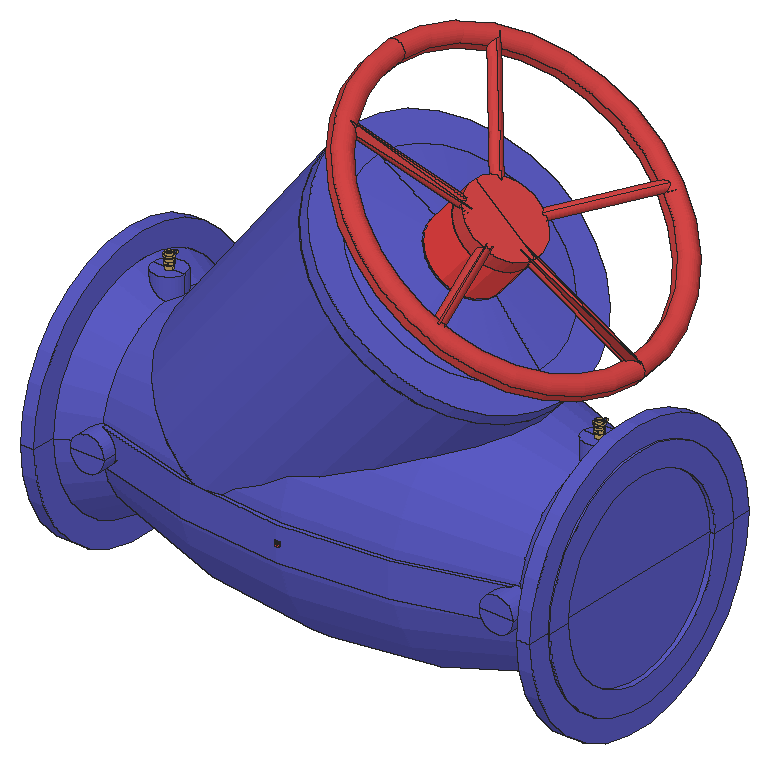
Revit family "Strangregulierventil für Differenzdruckmessung, Schrägsitzform 4218 GF PN25", category Rohrzubehör, Revit 2021
Family settings
  Bemaßung runder Anschluss = Durchmesser verwenden
  Teiletyp = Unterbricht
  OmniClass-Nummer = 23.65.55.14
  OmniClass-Titel = Valves for Liquid Services
  Arbeitsebenenbasiert = Nein
  Immer vertikal = Ja
  Beim Laden mit Abzugskörper schneiden = Nein
  Gemeinsam genutzt = Nein
Parameters
  kvs-Wert [instance] = if(Nennweite = 350.00 mm, 2917.6, if(Nennweite = 400.00 mm, 3854.8, if(Nennweite = 500.00 mm, 5250.6, 0)))  # 2917.6
  Zählvorrichtung = "Kunststoffmaterial"  # constant formula
  W02 = 60.00°  # constant formula
  W01 = 50.00°  # constant formula
  Vorgabe-Ansicht = 0.00 mm
  Ventilkegel = "Sphäroguss EN-GJS-400-15 gem. EN 1561/EPDM beschichtet"  # constant formula
  S01 [instance] = Nennweite + 10.00 mm  # 360.00 mm
  Regulierspindel = "Edelstahl"  # constant formula
  Oberteil = "Sphäroguss EN-GJS-400-15"  # constant formula
  O-Ringe = "EPDM"  # constant formula
  L04 [instance] = size_lookup("4220_GF_25_", "L4", 1.00 mm, Nennweite)  # 209.00 mm
  H11 = 85.00 mm  # constant formula
  H10 [instance] = H07 + H03  # 569.50 mm
  H08 = 47.00 mm  # constant formula
  H07 = 50.00 mm  # constant formula
  H06 = 27.00 mm  # constant formula
  H05 [instance] = H04 + 25.00 mm  # 495.00 mm
  H04 [instance] = size_lookup("4220_GF_25_", "H4", 1.00 mm, Nennweite)  # 470.00 mm
  H03 [instance] = size_lookup("4220_GF_25_", "H3", 1.00 mm, Nennweite)  # 519.50 mm
  Gewicht [instance] = if(Nennweite = 350.00 mm, "560.0 kg", if(Nennweite = 400.00 mm, "611.0 kg", if(Nennweite = 500.00 mm, "1109.0 kg", "0")))  # "560.0 kg"
  Gehäuse = "Sphäroguss EN-GJS-400-15"  # constant formula
  URL = "www.herz-armaturen.at"
  SCRNSEQ = "ARM;ARM_TYP=\"STRV\";2"
  SCRNCODE = "05;07;02"  # constant formula
  R02 [instance] = size_lookup("4220_GF_25_", "R2", 1.00 mm, Nennweite)  # 30.00 mm
  R01 [instance] = size_lookup("4220_GF_25_", "R1", 1.00 mm, Nennweite)  # 32.50 mm
  Spindel = "Edelstahl"  # constant formula
  Nennweite [instance] = 350.00 mm
  Medium = "Heizwasserqualität entsprechend ÖNORM H 5195 bzw. VDI Richtlinie 2035.\r\nEthylen und Propylenglykol können in einem Verhältnis von 25-50 vol. [%] gemischt werden."
  Max. Betriebstemperatur = 110 °C  # constant formula
  Min. Betriebstemperatur = -10 °C  # constant formula
  Max. Betriebsdruck = 2500000.0 Pa  # constant formula
  L03 [instance] = size_lookup("4220_GF_25_", "L3", 1.00 mm, Nennweite)  # 410.00 mm
  L02 [instance] = size_lookup("4220_GF_25_", "L2", 1.00 mm, Nennweite)  # 390.00 mm
  L01 [instance] = size_lookup("4220_GF_25_", "L1", 1.00 mm, Nennweite)  # 397.50 mm
  L00 [instance] = size_lookup("4220_GF_25_", "L", 1.00 mm, Nennweite)  # 980.00 mm
  Hersteller = "HERZ Armaturen Ges.m.b.H."  # constant formula
  H09 [instance] = H03  # 519.50 mm
  H02 [instance] = size_lookup("4220_GF_25_", "H2", 1.00 mm, Nennweite)  # 215.00 mm
  H01 [instance] = size_lookup("4220_GF_25_", "H1", 1.00 mm, Nennweite)  # 220.00 mm
  GT = 10.00 mm  # constant formula
  FLL02 [instance] = size_lookup("4220_GF_25_", "FLL2", 1.00 mm, Nennweite)  # 26.00 mm
  FLL01 [instance] = size_lookup("4220_GF_25_", "FLL1", 1.00 mm, Nennweite)  # 4.00 mm
  FLD03 [instance] = size_lookup("4220_GF_25_", "FLD3", 1.00 mm, Nennweite)  # 177.80 mm
  FLD02 [instance] = size_lookup("4220_GF_25_", "FLD2", 1.00 mm, Nennweite)  # 214.00 mm
  FLD01 [instance] = size_lookup("4220_GF_25_", "FLD1", 1.00 mm, Nennweite)  # 219.00 mm
  FLD00 [instance] = size_lookup("4220_GF_25_", "FLD", 1.00 mm, Nennweite)  # 260.00 mm
  Differenzdruckmessung = "Das STRÖMAX GF Strangregulierventil ist mit zwei Messventilen ausgestattet:\r\nSo ist es möglich, den Differenzdruck mit geeigneten Messgeräten zu messen und die Durchflussmenge entsprechend zu bestimmen."
  DN500 [instance] = Nennweite = 500.00 mm  # no
  DN400 [instance] = Nennweite = 400.00 mm  # no
  DN350 [instance] = Nennweite = 350.00 mm  # yes
  D05 = 75.00 mm  # constant formula
  D04 [instance] = size_lookup("4220_GF_25_", "D4", 1.00 mm, Nennweite)  # 58.00 mm
  D03 [instance] = size_lookup("4220_GF_25_", "D3", 1.00 mm, Nennweite)  # 240.00 mm
  D02 [instance] = D03 - 20.00 mm  # 220.00 mm
  D01 [instance] = size_lookup("4220_GF_25_", "D1", 1.00 mm, Nennweite)  # 260.00 mm
  D00 [instance] = size_lookup("4220_GF_25_", "D", 1.00 mm, Nennweite)  # 250.00 mm
  Bestellnummer [instance] = size_lookup("4220_GF_25_", "Artnr", 0, Nennweite)  # 1422089
  BH02 [instance] = -BH01  # -32.50 mm
  BH01 [instance] = size_lookup("4220_GF_25_", "BH1", 1.00 mm, Nennweite)  # 32.50 mm
  Ausführung = "STRÖMAX-GF-Strangregulierventil mit Messventilen, DN 350-500, Gehäuse Sphäroguss GJS 400-15 gem EN 1561, Flansch gem. EN 1092, PN 25, blaue Emaillierung.\r\nVentiloberteil Sphäroguss GJS 400-15, mit nicht steigen\u0002der Spindel, Spindelabdichtung mittels Dreifach-O-Ring.\r\nVoreinstellschritte werden digital angezeigt."
  Anwendungen = "Zum hydraulischen Abgleich in Heiz- oder Kühlsystemen zum Trennen von Sammelleitungen, Steigleitungen, Wärmetauschern, Heiz- und Kühlregistern."
  Anschluss [instance] = Nennweite / 2  # 175.00 mm
Reference planes
  plane 1 "Mitte (Vorne/hinten)": y = 0
  plane 2: z = 0
  plane 3 "Mitte (Links/rechts)": x = 0
Forms (mm)
  Revolve 1, solid, material "Herz-Marineblau", detail levels fine
    sketch origin (1058.943, 0, 0) x (1, 0, 0) y (0, 1, 0)
      loop
        line (-1544.943, 260) -> (-1544.943, 219) -> (-1548.943, 219) -> (-1548.943, 175) -> (-1538.943, 175) -> (-1538.943, 0) -> (-578.943, 0) -> (-578.943, 175) -> (-568.943, 175) -> (-568.943, 219) -> (-572.943, 219) -> (-572.943, 260) -> (-598.943, 260) -> (-598.943, 214) -> (-661.443, 177.8)
        arc (-661.443, 177.8) -> (-1058.943, 250) -> (-1456.443, 177.8) r 1130.326
        line (-1456.443, 177.8) -> (-1518.943, 214) -> (-1518.943, 260) -> (-1544.943, 260)
      axis (-1548.943, 0) -> (-568.943, 0)
    angle from 0 to 360
  Revolve 2, solid, material "Herz-Marineblau", detail levels fine
    sketch origin (0, 0, 0) x (1, 0, 0) y (0, 1, 0)
      loop
        line (-390, 220) -> (-422.5, 220) -> (-422.5, -220) -> (-390, -220) -> (-390, 220)
      axis (-390, 220) -> (-390, -220)
    angle from 0 to 360
  Revolve 3, solid, material "Herz-Marineblau", detail levels fine
    sketch origin (0, 0, 0) x (-1, 0, 0) y (0, 1, 0)
      loop
        line (-390, 220) -> (-422.5, 220) -> (-422.5, -220) -> (-390, -220) -> (-390, 220)
      axis (-390, 220) -> (-390, -220)
    angle from 0 to 360
  Revolve 4, solid, material "Herz-Marineblau", detail levels fine
    sketch origin (0, 0, 0) x (1, 0, 0) y (0, 0, 1)
      loop
        line (-410, 0) -> (-410, 215) -> (-440, 215) -> (-440, 0) -> (-410, 0)
      axis (-410, 215) -> (-410, 0)
    angle from 0 to 360
  Revolve 5, solid, material "Herz-Marineblau", detail levels fine
    sketch origin (0, 0, 0) x (-1, 0, 0) y (0, 0, 1)
      loop
        line (-410, 0) -> (-410, 215) -> (-440, 215) -> (-440, 0) -> (-410, 0)
      axis (-410, 215) -> (-410, 0)
    angle from 0 to 360
  Extrusion 6, solid, material "Herz-Marineblau", visible <- "DN500", detail levels fine
    sketch origin (0, 0, 0) x (1, 0, 0) y (0, 1, 0)
      loop
        arc (-475, -263.998) -> (0, -282.994) -> (475, -263.998) r 5948.094
        line (475, -263.998) -> (475, 263.998)
        arc (475, 263.998) -> (0, 282.994) -> (-475, 263.998) r 5948.094
        line (-475, 263.998) -> (-475, -263.998)
    from -32.5 <- "BH02" to 32.5 <- "BH01"
  Extrusion 7, solid, material "Herz-Marineblau", visible <- "DN400", detail levels fine
    sketch origin (0, 0, 0) x (1, 0, 0) y (0, 1, 0)
      loop
        arc (-410, -209.712) -> (0, -223.005) -> (410, -209.712) r 6329.849
        line (410, -209.712) -> (410, 209.712)
        arc (410, 209.712) -> (0, 223.005) -> (-410, 209.712) r 6329.849
        line (-410, 209.712) -> (-410, -209.712)
    from -32.5 <- "BH02" to 32.5 <- "BH01"
  Extrusion 8, solid, material "Herz-Marineblau", visible <- "DN350", detail levels fine
    sketch origin (0, 0, 0) x (1, 0, 0) y (0, 1, 0)
      loop
        arc (-390, -185.916) -> (0, -255.071) -> (390, -185.916) r 1134.286
        line (390, -185.916) -> (390, 185.916)
        arc (390, 185.916) -> (0, 255.071) -> (-390, 185.916) r 1134.286
        line (-390, 185.916) -> (-390, -185.916)
    from -32.5 <- "BH02" to 32.5 <- "BH01"
  Revolve 9, solid, material "Herz-Marineblau", detail levels fine
    sketch origin (0, 0, 0) x (1, 0, 0) y (0, 0, 1)
      loop
        line (-209, 0) -> (124.928, 397.96) -> (-74.243, 565.085) -> (-361.033, 192.188) -> (-361.781, 160.181) -> (-209, 0)
      axis (-209, 0) -> (124.928, 397.96)
    angle from 0 to 360
  Revolve 10, solid, material "Herz-Marineblau", detail levels fine
    sketch origin (0, 0, 0) x (1, 0, 0) y (0, 0, 1)
      loop
        line (124.928, 397.96) -> (157.068, 436.262) -> (99.614, 484.471) -> (97.686, 482.173)
        arc (97.686, 482.173) -> (43.802, 517.303) -> (-12.458, 548.486) r 898.044
        line (-12.458, 548.486) -> (-56.888, 585.768) -> (-74.243, 565.085) -> (124.928, 397.96)
      axis (157.068, 436.262) -> (124.928, 397.96)
    angle from 0 to 360
  Revolve 11, solid, material "Kunsstoff rot", detail levels fine
    sketch origin (0, 0, 0) x (1, 0, 0) y (0, 0, 1)
      loop
        line (157.068, 436.262) -> (211.704, 501.376) -> (154.251, 549.585) -> (99.614, 484.471) -> (157.068, 436.262)
      axis (211.704, 501.376) -> (157.068, 436.262)
    angle from 0 to 360
Lines and regions (mm)
  model lines, detail levels coarse+medium
    curve 1: line (-490, 0, 260) -> (-490, 0, -260)
    curve 2: line (-490, 0, -260) -> (490, 0, 260)
    curve 3: line (490, 0, 260) -> (490, 0, -260)
    curve 4: line (490, 0, -260) -> (-490, 0, 260)
    curve 5: line (0, 0, 0) -> (299.933, 0, 519.5)
    curve 6: line (144.049, 0, 609.5) -> (455.818, 0, 429.5)
    curve 7: line (-490, 260, 0) -> (-490, -260, 0)
    curve 8: line (-490, -260, 0) -> (490, 260, 0)
    curve 9: line (490, 260, 0) -> (490, -260, 0)
    curve 10: line (490, -260, 0) -> (-490, 260, 0)
    curve 11: line (0, 0, 0) -> (299.933, 519.5, 0)
    curve 12: line (144.049, 609.5, 0) -> (455.818, 429.5, 0)
Dimensions and locks
  "FLD00": plane 1 "Mitte (Vorne/hinten)" to Revolve 1 sketch curve
  "FLD01": plane 1 "Mitte (Vorne/hinten)" to Revolve 1 sketch curve
  "FLD02": plane 1 "Mitte (Vorne/hinten)" to Revolve 1 sketch curve  (x2)
  "FLD03": plane 1 "Mitte (Vorne/hinten)" to Revolve 1 sketch curve  (x2)
  "GT": Revolve 1 sketch curve to Revolve 1 sketch curve  (x2)
  "FLL01": Revolve 1 sketch curve to Revolve 1 sketch curve  (x2)
  "FLL02": Revolve 1 sketch curve to Revolve 1 sketch curve  (x2)
  equal spacing: Revolve 1 sketch curve, plane 3 "Mitte (Links/rechts)", Revolve 1 sketch curve
  "Anschluss": Revolve 1 sketch curve to plane 1 "Mitte (Vorne/hinten)"
  "Anschluss": plane 1 "Mitte (Vorne/hinten)" to Revolve 1 sketch curve
  "FLD01": Revolve 1 sketch curve to plane 1 "Mitte (Vorne/hinten)"
  "FLD00": Revolve 1 sketch curve to plane 1 "Mitte (Vorne/hinten)"
  "L00": Revolve 1 sketch curve to Revolve 1 sketch curve
  "D00": plane 1 "Mitte (Vorne/hinten)" to Revolve 1 sketch curve
  "L01": Revolve 1 sketch curve to plane 3 "Mitte (Links/rechts)" to Revolve 1 sketch curve
  "L02": Revolve 2 sketch curve to plane 3 "Mitte (Links/rechts)"
  "R01": Revolve 2 sketch curve to Revolve 2 sketch curve
  "H01": Revolve 2 sketch curve to plane 1 "Mitte (Vorne/hinten)" to Revolve 2 sketch curve
  "L02": plane 3 "Mitte (Links/rechts)" to Revolve 3 sketch curve
  "R01": Revolve 3 sketch curve to Revolve 3 sketch curve
  "H01": Revolve 3 sketch curve to plane 1 "Mitte (Vorne/hinten)" to Revolve 3 sketch curve
  "L03": plane 3 "Mitte (Links/rechts)" to Revolve 4 sketch curve
  "R02": Revolve 4 sketch curve to Revolve 4 sketch curve
  "H02": Revolve 4 sketch curve to plane 2
  "R02": Revolve 5 sketch curve to Revolve 5 sketch curve
  "L03": Revolve 5 sketch curve to plane 3 "Mitte (Links/rechts)"
  "H02": Revolve 5 sketch curve to plane 2
  "L03": plane 3 "Mitte (Links/rechts)" to nested 1
  "L03": nested 2 to plane 3 "Mitte (Links/rechts)"
  "H02": nested 1 to plane 2
  "H02": nested 2 to plane 2
  "FLD00": curve 4 to plane 2 to curve 2
  "FLD00": curve 3 to plane 2 to curve 4
  equal spacing: curve 1, plane 3 "Mitte (Links/rechts)", curve 3
  "L00": curve 1 to curve 3
  "H09": curve 5 to plane 2
  equal spacing: curve 1, curve 5, curve 3
  equal spacing: curve 6, curve 5, curve 6
  "S01": curve 6 to curve 6
  "FLD00": curve 8 to plane 1 "Mitte (Vorne/hinten)" to curve 10
  "FLD00": curve 10 to plane 1 "Mitte (Vorne/hinten)" to curve 9
  equal spacing: curve 7, plane 3 "Mitte (Links/rechts)", curve 9
  "L00": curve 7 to curve 9
  equal spacing: curve 7, curve 11, curve 9
  "H09": plane 1 "Mitte (Vorne/hinten)" to curve 11
  equal spacing: curve 12, curve 11, curve 12
  "S01": curve 12 to curve 12
  "L04": plane 3 "Mitte (Links/rechts)" to Revolve 9 sketch curve  (x2)
  "H03": Revolve 9 sketch curve to Revolve 9 sketch curve
  "D02": Revolve 9 sketch curve to Revolve 9 sketch curve
  "H05": Revolve 9 sketch curve to Revolve 9 sketch curve
  "H04": Revolve 9 sketch curve to Revolve 9 sketch curve
  "D03": Revolve 9 sketch curve to Revolve 9 sketch curve
  "H03": Revolve 10 sketch curve to Revolve 10 sketch curve
  "D01": Revolve 10 sketch curve to Revolve 10 sketch curve  (x2)
  "D04": Revolve 10 sketch curve to Revolve 10 sketch curve
  "D05": Revolve 10 sketch curve to Revolve 10 sketch curve
  "H06": Revolve 9 to Revolve 10 sketch curve
  "H07": Revolve 9 to Revolve 10 sketch curve
  "H08": Revolve 9 to Revolve 10 sketch curve
  "L04": plane 3 "Mitte (Links/rechts)" to Revolve 10 sketch curve
  "D01": Revolve 9 sketch curve to Revolve 9 sketch curve
  "L04": plane 3 "Mitte (Links/rechts)" to Revolve 11 sketch curve
  "H11": Revolve 10 to Revolve 11 sketch curve
  "D05": Revolve 11 sketch curve to Revolve 11 sketch curve  (x2)
  "H10": Revolve 11 sketch curve to Revolve 11 sketch curve
  "W02": angle plane 2 to curve 5
  "W02": angle plane 1 "Mitte (Vorne/hinten)" to curve 11
  "W01": angle plane 2 to Revolve 9 sketch curve  (x2)
  "W01": angle plane 2 to Revolve 10 sketch curve  (x2)
  "W01": angle plane 2 to Revolve 11 sketch curve  (x2)
  aligned and locked: level to plane 2
Automatic sketch dimensions
  Extrusion 6 sketch curve to plane 3 "Mitte (Links/rechts)" = 0.00 mm  (x2)
  plane 1 "Mitte (Vorne/hinten)" to Extrusion 6 sketch curve = 263.998 mm
  Extrusion 6 sketch curve to plane 3 "Mitte (Links/rechts)" = 475.00 mm
  Extrusion 6 sketch curve to Extrusion 6 sketch curve = 5401.102 mm
  Extrusion 6 sketch curve to plane 1 "Mitte (Vorne/hinten)" = 5665.10 mm
  Extrusion 6 sketch curve to plane 1 "Mitte (Vorne/hinten)" = 263.998 mm  (x2)
  Extrusion 7 sketch curve to plane 3 "Mitte (Links/rechts)" = 0.00 mm  (x2)
  plane 1 "Mitte (Vorne/hinten)" to Extrusion 7 sketch curve = 209.712 mm  (x2)
  Extrusion 7 sketch curve to plane 3 "Mitte (Links/rechts)" = 410.00 mm
  Extrusion 7 sketch curve to Extrusion 7 sketch curve = 5897.131 mm
  Extrusion 7 sketch curve to plane 1 "Mitte (Vorne/hinten)" = 6106.844 mm
  Extrusion 7 sketch curve to plane 1 "Mitte (Vorne/hinten)" = 209.712 mm
  Extrusion 8 sketch curve to plane 3 "Mitte (Links/rechts)" = 0.00 mm  (x2)
  plane 1 "Mitte (Vorne/hinten)" to Extrusion 8 sketch curve = 185.916 mm
  Extrusion 8 sketch curve to plane 3 "Mitte (Links/rechts)" = 390.00 mm
  Extrusion 8 sketch curve to Extrusion 8 sketch curve = 693.298 mm
  Extrusion 8 sketch curve to plane 1 "Mitte (Vorne/hinten)" = 879.214 mm
  Extrusion 8 sketch curve to plane 1 "Mitte (Vorne/hinten)" = 185.916 mm  (x2)
  plane 1 "Mitte (Vorne/hinten)" to Revolve 1 sketch curve = 0.00 mm  (x2)
  Revolve 1 sketch curve to Revolve 1 sketch curve = 35.00 mm
  Revolve 1 sketch curve to Revolve 1 sketch curve = 40.00 mm
  Revolve 2 sketch curve to Revolve 2 sketch curve = 0.00 mm  (x3)
  Revolve 3 sketch curve to Revolve 3 sketch curve = 0.00 mm  (x3)
  Revolve 4 sketch curve to level = 0.00 mm  (x2)
  Revolve 4 sketch curve to Revolve 4 sketch curve = 0.00 mm  (x2)
  Revolve 5 sketch curve to level = 0.00 mm  (x2)
  Revolve 5 sketch curve to Revolve 5 sketch curve = 0.00 mm  (x2)
  Revolve 9 sketch curve to level = 0.00 mm  (x2)
  Revolve 10 sketch curve to level = 0.00 mm
  Revolve 10 sketch curve to level = 252.062 mm
  Revolve 11 sketch curve to level = 0.00 mm
Nested families
  nested 1: "Messstutzen_Band_Eintritt_senkrecht_(oben)" at (-410, 0, 206), type "Messstutzen_Band_Eintritt_senkrecht_(oben)", detail levels fine
    with Schutzkappe yes, Nennweite 0.00 mm, Gewicht 0.00 kg, Bestellnummer 0
  nested 2: "Messstutzen_Band_Austritt_senkrecht_(oben)" at (410, 0, 206), type "Messstutzen_Band_Austritt_senkrecht_(oben)", detail levels fine
    with Schutzkappe yes, Nennweite 0.00 mm, Gewicht 0.00 kg, Bestellnummer 0
  nested 3: "Herz-Logo-vorne" at (0, -282.994, 0) x (0, 1, 0) z (0, 0, 1), visible <- "DN500", type "Herz-Logo-vorne", detail levels fine
  nested 4: "Herz-Logo-vorne" at (0, -221.503, 0) x (0, 1, 0) z (0, 0, 1), visible <- "DN400", type "Herz-Logo-vorne", detail levels fine
  nested 5: "Herz-Logo-vorne" at (0, -255.053, 0) x (0, 1, 0) z (0, 0, 1), visible <- "DN350", type "Herz-Logo-vorne", detail levels fine
  nested 6: "Strangregulierventil-Handrad_VOLL-Schräg (Rot) DN350-DN400" at (211.704, 0, 501.376), visible <- "DN350", type "Strangregulierventil-Handrad_VOLL-Schräg (Rot) DN350-DN400"
    with DN300 yes
  nested 7: "Strangregulierventil-Handrad_VOLL-Schräg (Rot) DN350-DN400" at (230.272, 0, 547.339), visible <- "DN400", type "Strangregulierventil-Handrad_VOLL-Schräg (Rot) DN350-DN400"
    with DN300 yes
  nested 8: "Strangregulierventil-Handrad_VOLL-Schräg (Rot) DN500" at (262.637, 0, 616.896), visible <- "DN500", type "Strangregulierventil-Handrad_VOLL-Schräg (Rot) DN500", detail levels fine
    with DN300 yes
Connectors
  piping at (-490, 0, 0), diameter 350, driven by "Nennweite"
    settings: on Revolve 1, index 1, connector inside diameter 609.6 mm, connector length 0.00 mm, flow factor 0, pipe flow 0.0 L/s, pressure drop 0.0 Pa, fitting loss kfactor 0, connector angle 0.00°, fixture units 0, engagement length 0.00 mm, angle of deflection 0.00°, flow configuration 0, flow direction 1, fitting loss method 0, system type 29, joint type 0, gender type 0, connector reference index -1, connector utility 0, adjustable connector no, is connector primary yes, connector description ""
  piping at (490, 0, 0), diameter 350, driven by "Nennweite"
    settings: on Revolve 1, index 2, connector inside diameter 609.6 mm, connector length 0.00 mm, flow factor 0, pipe flow 0.0 L/s, pressure drop 0.0 Pa, fitting loss kfactor 0, connector angle 0.00°, fixture units 0, engagement length 0.00 mm, angle of deflection 0.00°, flow configuration 0, flow direction 2, fitting loss method 0, system type 29, joint type 0, gender type 0, connector reference index -1, connector utility 0, adjustable connector no, is connector primary no, connector description ""
Definition of nested family "Messstutzen_Band_Eintritt_senkrecht_(oben)"
  Parameters (values of type "Messstutzen_Band_Eintritt_senkrecht_(oben)")
    Default Elevation = 0.00 mm
    URL = "www.herz-armaturen.at"
    Schutzkappe [instance] = yes
    Nennweite [instance] = 0.00 mm
    Manufacturer = "Herz Armaturen GmbH"  # constant formula
    Gewicht [instance] = 0.00 kg
    Bestellnummer [instance] = 0
  Reference planes
    plane 1 "Mitte (Vorne/hinten)": y = 0
    plane 2: z = 0
    plane 3 "Mitte (Links/rechts)": x = 0
    plane 4 "Schlaufe 1": z = -27
    plane 5 "Schlaufe 2": z = -31.678
  Forms (mm)
    Revolve 1, solid, detail levels fine
      sketch origin (0, 0, 0) x (1, 0, 0) y (0, 0, 1)
        loop
          line (-7.4, 9) -> (-5.55, 9) -> (-5.55, 6)
          arc (-5.55, 6) -> (-5.626, 5.617) -> (-5.843, 5.293) r 1
          line (-5.843, 5.293) -> (-6.455, 4.681) -> (-6.455, 0.9) -> (-5.555, 0) -> (-2, 0) -> (-2, 17.5) -> (-8.4, 17.5)
          arc (-8.4, 17.5) -> (-7.693, 17.207) -> (-7.4, 16.5) r 1
          line (-7.4, 16.5) -> (-7.4, 9)
        loop
          line (-3.7, 27) -> (-7.3, 27) -> (-7.9, 26.4) -> (-7.9, 23) -> (-2, 23) -> (-2, 35.8) -> (-3.805, 35.8) -> (-4.415, 35.19) -> (-4.415, 30.863) -> (-3.7, 30.45) -> (-3.7, 27)
        axis (0, 0) -> (0, 35.8)
      angle from 0 to 360
    Extrusion 2, solid, detail levels fine
      sketch origin (0, 0, 17.5) x (0, 1, 0) y (-1, 0, 0)
        loop
          arc (-7.07, 5.156) -> (-7.578, 4.375) -> (-8, 3.544) r 8.75
          line (-8, 3.544) -> (-8, -3.544)
          arc (-8, -3.544) -> (-7.578, -4.375) -> (-7.07, -5.156) r 8.75
          line (-7.07, -5.156) -> (-0.93, -8.7)
          arc (-0.93, -8.7) -> (0, -8.75) -> (0.93, -8.7) r 8.75
          line (0.93, -8.7) -> (7.07, -5.156)
          arc (7.07, -5.156) -> (7.578, -4.375) -> (8, -3.544) r 8.75
          line (8, -3.544) -> (8, 3.544)
          arc (8, 3.544) -> (7.578, 4.375) -> (7.07, 5.156) r 8.75
          line (7.07, 5.156) -> (0.93, 8.7)
          arc (0.93, 8.7) -> (0, 8.75) -> (-0.93, 8.7) r 8.75
          line (-0.93, 8.7) -> (-7.07, 5.156)
      from 0 to 5.5
    Revolve 3, solid, visible <- "Schutzkappe", detail levels fine
      sketch origin (0, 0, 0) x (1, 0, 0) y (0, 0, 1)
        loop
          line (0, 35.878) -> (0, 36.678) -> (-7, 36.678) -> (-7, 33.378) -> (-6.1, 33.378) -> (-6.1, 31.678) -> (-6.9, 31.678) -> (-6.9, 30.178) -> (-4.415, 30.178) -> (-4.415, 35.268) -> (-3.805, 35.878) -> (0, 35.878)
        axis (0, 30.178) -> (0, 36.678)
      angle from 0 to 360
    Extrusion 4, solid, detail levels fine
      sketch origin (0, 0, 28.5) x (1, 0, 0) y (0, 1, 0)
        loop
          circle (0, 0) r 3.7
        loop
          arc (-3.906, 5.505) -> (0, -6.75) -> (3.906, 5.505) r 6.75
          arc (3.906, 5.505) -> (2.358, 7.288) -> (1.8, 9.582) r 5
          line (1.8, 9.582) -> (-1.8, 9.582)
          arc (-1.8, 9.582) -> (-2.358, 7.288) -> (-3.906, 5.505) r 5
      from 0 to -1.5
    Extrusion 5, solid, detail levels fine
      sketch origin (0, 0, 33.178) x (1, 0, 0) y (0, 1, 0)
        loop
          circle (0, 0) r 6.1
        loop
          arc (-4.495, 8.652) -> (0, -9.75) -> (4.495, 8.652) r 9.75
          arc (4.495, 8.652) -> (2.527, 10.493) -> (1.8, 13.089) r 5
          line (1.8, 13.089) -> (-1.8, 13.089)
          arc (-1.8, 13.089) -> (-2.527, 10.493) -> (-4.495, 8.652) r 5
      from 0 to -1.5
    Sweep 6, solid, detail levels fine
      path origin (0, 0, 0) x (0, 0, -1) y (0, -1, 0)
        loop
          line (-27.75, -9.582) -> (-27.75, -14.522)
          arc (-27.75, -14.522) -> (-30.089, -16.862) -> (-32.428, -14.522) r 2.339
          line (-32.428, -14.522) -> (-32.428, -13.089)
      profile origin (0, 12.052, 27.75) x (0, 0, 1) y (1, 0, 0)
        loop
          line (-0.75, -1.8) -> (0.75, -1.8) -> (0.75, 1.8) -> (-0.75, 1.8) -> (-0.75, -1.8)
  Dimensions and locks
    aligned and locked: level to plane 2
Definition of nested family "Messstutzen_Band_Austritt_senkrecht_(oben)"
  Parameters (values of type "Messstutzen_Band_Austritt_senkrecht_(oben)")
    Default Elevation = 0.00 mm
    URL = "www.herz-armaturen.at"
    Schutzkappe [instance] = yes
    Nennweite [instance] = 0.00 mm
    Manufacturer = "Herz Armaturen GmbH"  # constant formula
    Gewicht [instance] = 0.00 kg
    Bestellnummer [instance] = 0
  Reference planes
    plane 1 "Mitte (Vorne/hinten)": y = 0
    plane 2: z = 0
    plane 3 "Mitte (Links/rechts)": x = 0
    plane 4 "Schlaufe 1": z = -27
    plane 5 "Schlaufe 2": z = -31.678
  Forms (mm)
    Revolve 1, solid, detail levels fine
      sketch origin (0, 0, 0) x (1, 0, 0) y (0, 0, 1)
        loop
          line (-7.4, 9) -> (-5.55, 9) -> (-5.55, 6)
          arc (-5.55, 6) -> (-5.626, 5.617) -> (-5.843, 5.293) r 1
          line (-5.843, 5.293) -> (-6.455, 4.681) -> (-6.455, 0.9) -> (-5.555, 0) -> (-2, 0) -> (-2, 17.5) -> (-8.4, 17.5)
          arc (-8.4, 17.5) -> (-7.693, 17.207) -> (-7.4, 16.5) r 1
          line (-7.4, 16.5) -> (-7.4, 9)
        loop
          line (-3.7, 27) -> (-7.3, 27) -> (-7.9, 26.4) -> (-7.9, 23) -> (-2, 23) -> (-2, 35.8) -> (-3.805, 35.8) -> (-4.415, 35.19) -> (-4.415, 30.863) -> (-3.7, 30.45) -> (-3.7, 27)
        axis (0, 0) -> (0, 35.8)
      angle from 0 to 360
    Extrusion 2, solid, detail levels fine
      sketch origin (0, 0, 17.5) x (0, 1, 0) y (-1, 0, 0)
        loop
          arc (-7.07, 5.156) -> (-7.578, 4.375) -> (-8, 3.544) r 8.75
          line (-8, 3.544) -> (-8, -3.544)
          arc (-8, -3.544) -> (-7.578, -4.375) -> (-7.07, -5.156) r 8.75
          line (-7.07, -5.156) -> (-0.93, -8.7)
          arc (-0.93, -8.7) -> (0, -8.75) -> (0.93, -8.7) r 8.75
          line (0.93, -8.7) -> (7.07, -5.156)
          arc (7.07, -5.156) -> (7.578, -4.375) -> (8, -3.544) r 8.75
          line (8, -3.544) -> (8, 3.544)
          arc (8, 3.544) -> (7.578, 4.375) -> (7.07, 5.156) r 8.75
          line (7.07, 5.156) -> (0.93, 8.7)
          arc (0.93, 8.7) -> (0, 8.75) -> (-0.93, 8.7) r 8.75
          line (-0.93, 8.7) -> (-7.07, 5.156)
      from 0 to 5.5
    Revolve 3, solid, visible <- "Schutzkappe", detail levels fine
      sketch origin (0, 0, 0) x (1, 0, 0) y (0, 0, 1)
        loop
          line (0, 35.878) -> (0, 36.678) -> (-7, 36.678) -> (-7, 33.378) -> (-6.1, 33.378) -> (-6.1, 31.678) -> (-6.9, 31.678) -> (-6.9, 30.178) -> (-4.415, 30.178) -> (-4.415, 35.268) -> (-3.805, 35.878) -> (0, 35.878)
        axis (0, 30.178) -> (0, 36.678)
      angle from 0 to 360
    Extrusion 4, solid, detail levels fine
      sketch origin (0, 0, 28.5) x (1, 0, 0) y (0, 1, 0)
        loop
          circle (0, 0) r 3.7
        loop
          arc (-3.906, 5.505) -> (0, -6.75) -> (3.906, 5.505) r 6.75
          arc (3.906, 5.505) -> (2.358, 7.288) -> (1.8, 9.582) r 5
          line (1.8, 9.582) -> (-1.8, 9.582)
          arc (-1.8, 9.582) -> (-2.358, 7.288) -> (-3.906, 5.505) r 5
      from 0 to -1.5
    Extrusion 5, solid, detail levels fine
      sketch origin (0, 0, 33.178) x (1, 0, 0) y (0, 1, 0)
        loop
          circle (0, 0) r 6.1
        loop
          arc (-4.495, 8.652) -> (0, -9.75) -> (4.495, 8.652) r 9.75
          arc (4.495, 8.652) -> (2.527, 10.493) -> (1.8, 13.089) r 5
          line (1.8, 13.089) -> (-1.8, 13.089)
          arc (-1.8, 13.089) -> (-2.527, 10.493) -> (-4.495, 8.652) r 5
      from 0 to -1.5
    Sweep 6, solid, detail levels fine
      path origin (0, 0, 0) x (0, 0, -1) y (0, -1, 0)
        loop
          line (-27.75, -9.582) -> (-27.75, -14.522)
          arc (-27.75, -14.522) -> (-30.089, -16.862) -> (-32.428, -14.522) r 2.339
          line (-32.428, -14.522) -> (-32.428, -13.089)
      profile origin (0, 12.052, 27.75) x (0, 0, 1) y (1, 0, 0)
        loop
          line (-0.75, -1.8) -> (0.75, -1.8) -> (0.75, 1.8) -> (-0.75, 1.8) -> (-0.75, -1.8)
  Dimensions and locks
    aligned and locked: level to plane 2
Definition of nested family "Herz-Logo-vorne"
  Parameters (values of type "Herz-Logo-vorne")
    Default Elevation = 0.00 mm
  Reference planes
    plane 1 "Mitte (Vorne/hinten)": y = 0
    plane 2: z = 0
    plane 3 "Mitte (Links/rechts)": x = 0
  Forms (mm)
    Extrusion 1, solid
      sketch origin (0.732, -0.018, 0.017) x (0, -1, 0) y (0, 0, 1)
        loop
          line (-0.018, -4.517) -> (4.482, -4.517) -> (4.482, 4.483) -> (-4.518, 4.483) -> (-4.518, -4.517) -> (-0.018, -4.517)
        loop
          line (-0.05, -3.48) -> (3.482, -3.48) -> (3.482, 3.483) -> (-3.518, 3.483) -> (-3.518, -3.48) -> (-0.05, -3.48)
        loop
          arc (-0.018, 2.383) -> (-1.543, 3.287) -> (-3.067, 2.383) r 1.738
          arc (-3.067, 2.383) -> (-3.191, 1.899) -> (-3.067, 1.415) r 1.009
          line (-3.067, 1.415) -> (-0.018, -3.281) -> (3.032, 1.415)
          arc (3.032, 1.415) -> (3.156, 1.899) -> (3.032, 2.383) r 1.009
          arc (3.032, 2.383) -> (1.507, 3.287) -> (-0.018, 2.383) r 1.738
        loop
          arc (1.885, 1.272) -> (2.005, 1.675) -> (1.885, 2.079) r 0.74
          arc (1.885, 2.079) -> (1.265, 2.416) -> (0.644, 2.079) r 0.74
          line (0.644, 2.079) -> (-0.018, 0.97) -> (-0.679, 2.079)
          arc (-0.679, 2.079) -> (-1.3, 2.416) -> (-1.921, 2.079) r 0.74
          arc (-1.921, 2.079) -> (-2.04, 1.675) -> (-1.921, 1.272) r 0.74
          line (-1.921, 1.272) -> (-0.018, -1.658) -> (1.885, 1.272)
      from 0 to 1.5
  Dimensions and locks
    aligned and locked: level to plane 2
Definition of nested family "Strangregulierventil-Handrad_VOLL-Schräg (Rot) DN350-DN400"
  Parameters (values of type "Strangregulierventil-Handrad_VOLL-Schräg (Rot) DN350-DN400")
    Default Elevation = 0.00 mm
    DN300 [instance] = yes
  Reference planes
    plane 1 "Mitte (Vorne/hinten)": y = 0
    plane 2: z = 0
    plane 3 "Mitte (Links/rechts)": x = 0
  Forms (mm)
    Revolve 1, solid, detail levels fine
      sketch origin (0, 0, 0) x (0.766044, 0, -0.642788) y (0.642788, 0, 0.766044)
        loop
          line (0, 0) -> (0, 30) -> (-75, 30) -> (-75, 0) -> (0, 0)
        loop
          line (-316.85, 58.85) -> (-316.85, 42.85) -> (-280.85, 42.85) -> (-280.85, 58.85)
          arc (-280.85, 58.85) -> (-298.85, 76.85) -> (-316.85, 58.85) r 18
        axis (0, 58.85) -> (0, 0)
      angle from 0 to 360
    Revolve 2, solid, detail levels fine
      sketch origin (0, 0, 0) x (0.766044, 0, -0.642788) y (0.642788, 0, 0.766044)
        loop
          line (299.245, 74.817) -> (49.107, 26.195) -> (50.831, 16.343) -> (301.153, 65.001) -> (299.245, 74.817)
        axis (50.832, 16.338) -> (301.154, 64.996)
      angle from 0 to 360
    Revolve 3, solid, detail levels fine
      sketch origin (0, 0, 0) x (0.236721, 0.951057, -0.198632) y (0.642788, 0, 0.766044)
        loop
          line (299.245, 74.817) -> (49.107, 26.195) -> (50.831, 16.343) -> (301.153, 65.001) -> (299.245, 74.817)
        axis (50.832, 16.338) -> (301.154, 64.996)
      angle from 0 to 360
    Revolve 4, solid, detail levels fine
      sketch origin (0, 0, 0) x (-0.619743, 0.587785, 0.520026) y (0.642788, 0, 0.766044)
        loop
          line (299.245, 74.817) -> (49.107, 26.195) -> (50.831, 16.343) -> (301.153, 65.001) -> (299.245, 74.817)
        axis (50.832, 16.338) -> (301.154, 64.996)
      angle from 0 to 360
    Revolve 5, solid, detail levels fine
      sketch origin (0, 0, 0) x (-0.619743, -0.587785, 0.520026) y (0.642788, 0, 0.766044)
        loop
          line (299.245, 74.817) -> (49.107, 26.195) -> (50.831, 16.343) -> (301.153, 65.001) -> (299.245, 74.817)
        axis (50.832, 16.338) -> (301.154, 64.996)
      angle from 0 to 360
    Revolve 6, solid, detail levels fine
      sketch origin (0, 0, 0) x (0.236721, -0.951057, -0.198632) y (0.642788, 0, 0.766044)
        loop
          line (299.245, 74.817) -> (49.107, 26.195) -> (50.831, 16.343) -> (301.153, 65.001) -> (299.245, 74.817)
        axis (50.832, 16.338) -> (301.154, 64.996)
      angle from 0 to 360
  Dimensions and locks
    Revolve 1 sketch curve to plane 2 = 255.179 mm
    Revolve 1 sketch curve to Revolve 1 sketch curve = 30.00 mm
    aligned and locked: level to plane 2
Definition of nested family "Strangregulierventil-Handrad_VOLL-Schräg (Rot) DN500"
  Parameters (values of type "Strangregulierventil-Handrad_VOLL-Schräg (Rot) DN500")
    Default Elevation = 0.00 mm
    DN300 [instance] = yes
  Reference planes
    plane 1 "Mitte (Vorne/hinten)": y = 0
    plane 2: z = 0
    plane 3 "Mitte (Links/rechts)": x = 0
  Forms (mm)
    Revolve 1, solid, detail levels fine
      sketch origin (0, 0, 0) x (0.766044, 0, -0.642788) y (0.642788, 0, 0.766044)
        loop
          line (0, 0) -> (0, 30) -> (-75, 30) -> (-75, 0) -> (0, 0)
        loop
          circle (-400, 94.75) r 16.85
        axis (0, 94.75) -> (0, 0)
      angle from 0 to 360
    Revolve 2, solid, detail levels fine
      sketch origin (0, 0, 0) x (0.766044, 0, -0.642788) y (0.642788, 0, 0.766044)
        loop
          line (400.44, 94.852) -> (397.067, 109.46) -> (48.97, 25.68) -> (51.251, 14.235) -> (400.44, 94.852)
        axis (51.251, 14.235) -> (400.44, 94.852)
      angle from 0 to 360
    Revolve 3, solid, detail levels fine
      sketch origin (0, 0, 0) x (0.383022, 0.866025, -0.321394) y (0.642788, 0, 0.766044)
        loop
          line (400.44, 94.852) -> (397.067, 109.46) -> (48.97, 25.68) -> (51.251, 14.235) -> (400.44, 94.852)
        axis (51.251, 14.235) -> (400.44, 94.852)
      angle from 0 to 360
    Revolve 4, solid, detail levels fine
      sketch origin (0, 0, 0) x (-0.383022, 0.866025, 0.321394) y (0.642788, 0, 0.766044)
        loop
          line (400.44, 94.852) -> (397.067, 109.46) -> (48.97, 25.68) -> (51.251, 14.235) -> (400.44, 94.852)
        axis (51.251, 14.235) -> (400.44, 94.852)
      angle from 0 to 360
    Revolve 5, solid, detail levels fine
      sketch origin (0, 0, 0) x (-0.766044, 0, 0.642788) y (0.642788, 0, 0.766044)
        loop
          line (400.44, 94.852) -> (397.067, 109.46) -> (48.97, 25.68) -> (51.251, 14.235) -> (400.44, 94.852)
        axis (51.251, 14.235) -> (400.44, 94.852)
      angle from 0 to 360
    Revolve 6, solid, detail levels fine
      sketch origin (0, 0, 0) x (-0.383022, -0.866025, 0.321394) y (0.642788, 0, 0.766044)
        loop
          line (400.44, 94.852) -> (397.067, 109.46) -> (48.97, 25.68) -> (51.251, 14.235) -> (400.44, 94.852)
        axis (51.251, 14.235) -> (400.44, 94.852)
      angle from 0 to 360
    Revolve 7, solid, detail levels fine
      sketch origin (0, 0, 0) x (0.383022, -0.866025, -0.321394) y (0.642788, 0, 0.766044)
        loop
          line (400.44, 94.852) -> (397.067, 109.46) -> (48.97, 25.68) -> (51.251, 14.235) -> (400.44, 94.852)
        axis (51.251, 14.235) -> (400.44, 94.852)
      angle from 0 to 360
  Dimensions and locks
    Revolve 1 sketch curve to Revolve 1 sketch curve = 30.00 mm
    Revolve 1 sketch curve to Revolve 1 sketch curve = 416.85 mm
    Revolve 1 sketch curve to level = 346.548 mm
    Revolve 1 sketch curve to Revolve 1 sketch curve = 75.00 mm
    aligned and locked: level to plane 2
